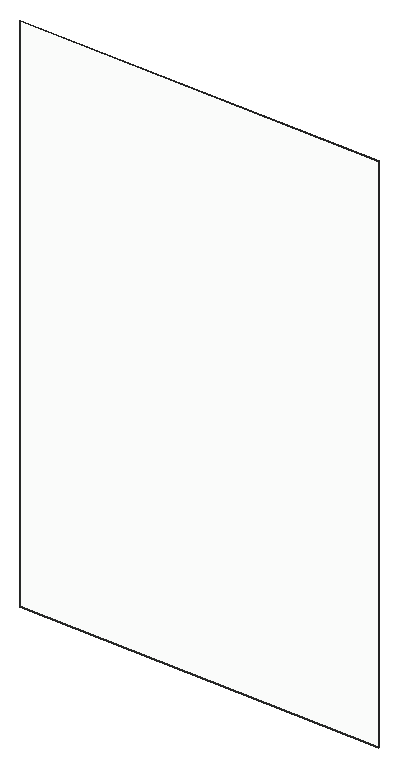
Revit family "Building-Materials_Glass-Glazing_Vitro-Architectural-Glass_Optigray-Monolithic-Glass", category Curtain Panels, Revit 2026
Family settings
  Classification Number = 23.25.20.14.11.11.17
  Always vertical = Yes
  Cut with Voids When Loaded = No
  Shared = No
Parameters (values of type "Optigray Monolithic")
  Visual Light Transmittance = 0.63  # constant formula
  UV Light Transmittance = 0.33
  URL = "https://www.vitroglazings.com/"
  U-Value Argon (Winter Night) = 0.0000 BTU/(h·ft²·°F)
  U-Value Argon (Summer Day) = 0.0000 BTU/(h·ft²·°F)
  U-Value Air (Winter Night) = 1.0200 BTU/(h·ft²·°F)
  U-Value Air (Summer Day) = 0.9200 BTU/(h·ft²·°F)
  Thickness = 0' - 0 1/4"
  Thermal Resistance (R) = 8.3333 (h·ft²·°F)/BTU  # constant formula
  Solar Light Transmittance = 0.51
  Solar Heat Gain Coefficient = 0.65  # constant formula
  Shadow Coefficient = 0.74
  Reflectance (Visible Interior) = 6
  Reflectance (Visible Exterior) = 6
  Product data url = "https://www.bimobject.com/vitroarchictecturalglass/product/optigray-glass"
  Product Page URL = "https://www.vitroglazings.com/products/performance-tinted-glass/gray-bronze-tinted-glass/optigray-glass/"
  Product Guid = "87b7abbd-c069-453f-a496-ebe30e1be767"
  Model = "Optigray Monolithic"
  Manufacturer = "Vitro Architectural Glass "  # constant formula
  Light to Solar Gain = 0.97
  Keynote = "08900"
  ISO Damage Weighted Transmittance = 0.549
  Heat Transfer Coefficient (U) = 0.2900 BTU/(h·ft²·°F)  # constant formula
  Glass Material = Vitro Architectural-Glass - Optigray
  Finish = "Glass"
  Description = "Optigray® glass is designed to eliminate the green cast typically found in conventional clear glass formulations. It produces a warm, ultra‑neutral aesthetic that brings crispness to vision glazing."  # constant formula
  Define Thermal Properties by = Schematic Type
  Assembly Code = "B2020220"
  Analytic Construction = "Large single-glazed windows"
Reference planes (in)
  plane 1 "Front": y = 0
  plane 2: z = 0
  plane 3 "Center (Left/Right)": x = 0
  plane 4 "Left": x = -32.75106
  plane 5 "Right": x = 32.75106
  plane 6 "Top": z = 96
  plane 7: y = 0.125
  plane 8: y = -0.125
Forms (in)
  Extrusion 1, solid, material "Vitro Architectural-Glass - Optigray" <- "Glass Material"
    sketch origin (0, 0.5, 0) x (1, 0, 0) y (0, 1, 0)
      loop
        line (-32.75106, -0.375) -> (-32.75106, -0.625) -> (32.75106, -0.625) -> (32.75106, -0.375) -> (-32.75106, -0.375)
    from 0 to 96
Text (in)
  text "Exterior" at (-54.29358, 31.38743, 0), in view "Ref. Level"
  text "Exterior" at (480, 41.53993, 89.60405), in view "Right"
  text "Exterior" at (-240, 57.82419, 105.78864), in view "Left"
Dimensions and locks (in)
  equal spacing: plane 4 "Left", plane 3 "Center (Left/Right)", plane 5 "Right"
  plane 7 to Extrusion 1 sketch curve = 0' - 0"
  equal spacing: plane 7, plane 1 "Front", plane 8
  "Thickness": plane 7 to plane 8
  aligned and locked: level to plane 2
  aligned and locked: Extrusion 1 sketch curve to plane 4 "Left"
  aligned and locked: plane 5 "Right" to Extrusion 1 sketch curve
  aligned and locked: Extrusion 1 to plane 6 "Top"
  aligned and locked: Extrusion 1 to level
  aligned and locked: plane 7 to Extrusion 1
  aligned and locked: Extrusion 1 to plane 8
Automatic sketch dimensions
  Extrusion 1 sketch curve to plane 7 = 0' - 0 1/4"
